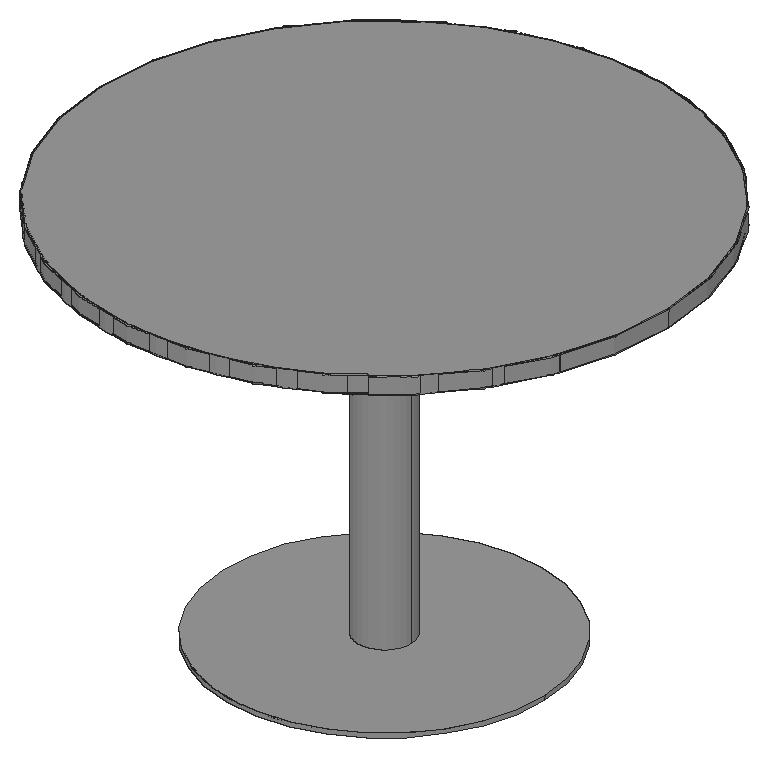
Revit family "Inklud 42in Round 29H Pedestal Base Table", category Furniture, Revit 2018
Family settings
  OmniClass Number = 23.40.20.00
  OmniClass Title = General Furniture and Specialties
  Work Plane-Based = No
  Always vertical = Yes
  Cut with Voids When Loaded = No
  Shared = No
  Room Calculation Point = No
Parameters
  Surface = Inklud 42" Round 29"H Pedestal Table Surface
  Edgeband = Inklud 42" Round 29"H Pedestal Table Edgeband
Reference planes (in)
  plane 1 "Center Front/Back": y = 0
  plane 2: z = 0
  plane 3 "Center Left/Right": x = 0
Forms (in)
  Extrusion 1, solid, material "Inklud Table Frame Platinum"
    sketch origin (0, 0, 0) x (1, 0, 0) y (0, 1, 0)
      loop
        circle (0, 0) r 2
    from 0.31496 to 27.62706
  Extrusion 2, solid, material "Inklud Table Frame Platinum"
    sketch origin (0, 0, 0) x (1, 0, 0) y (0, 1, 0)
      loop
        circle (0, 0) r 11.87315
    from 0 to 0.31496
  Extrusion 3, solid, material "Inklud Table Frame Platinum"
    sketch origin (0, 0, -0.00105) x (1, 0, 0) y (0, 1, 0)
      loop
        line (-6, 6) -> (-6, -6) -> (6, -6) -> (6, 6) -> (-6, 6)
    from 27.62811 to 27.86433
Dimensions and locks (in)
  aligned and locked: level to plane 2
Nested families (in)
  nested 1: "Inklud 42in Round Tabletop" at (0, 0, 0.20673), type "Inklud 42in Round Tabletop"
Definition of nested family "Inklud 42in Round Tabletop"
  Parameters (values of type "Inklud 42in Round Tabletop")
    Surface = none
    Edgeband = none
  Reference planes (in)
    plane 1 "Center (Front/Back)": y = 0
    plane 2: z = 0
    plane 3 "Center (Left/Right)": x = 0
  Forms (in)
    Extrusion 1, solid, material <- "Surface"
      sketch origin (0, 0, 0) x (1, 0, 0) y (0, 1, 0)
        loop
          circle (0, 0) r 21
      from 27.65655 to 28.90655
    Sweep 2, solid, material <- "Edgeband"
      path origin (0, 0, 0) x (1, 0, 0) y (0, 1, 0)
        loop
          circle (0, 0) r 21
      profile origin (0, 21, 0) x (0, -1, 0) y (0, 0, 1)
        loop
          arc (0, 28.90655) -> (-0.03536, 28.8919) -> (-0.05, 28.85655) r 0.05
          line (-0.05, 28.85655) -> (-0.05, 27.70655)
          arc (-0.05, 27.70655) -> (-0.03536, 27.67119) -> (0, 27.65655) r 0.05
          line (0, 27.65655) -> (0, 28.90655)
  Dimensions and locks (in)
    aligned and locked: plane 2 to level
